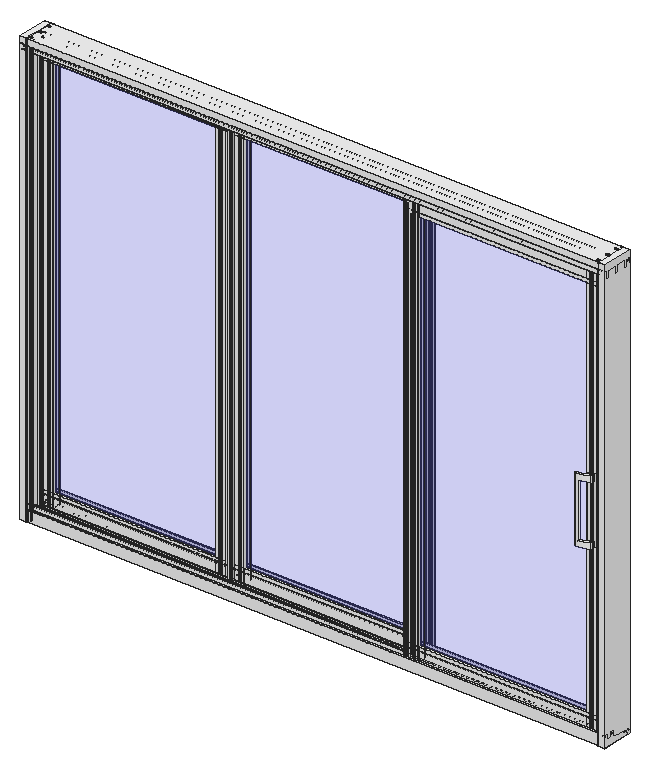
Revit family "Patio-Door_R-550-2-0_3-Light_XOO_5in_Novatech", category Doors, host Wall, Revit 2026 (continued)
Definition of nested family "NOVATECH_R-550 (2.0)_3 LIGHT_XOO_5in_SASH_O_MID"
  Definition of nested family "NOVATECH_650_2 LIGHT_SASH_O_SILL1"
    Automatic sketch dimensions
      Extrusion 1 sketch curve to Extrusion 1 sketch curve = 0.06844"
      Extrusion 1 sketch curve to Extrusion 1 sketch curve = 0.04657"
      Extrusion 1 sketch curve to Extrusion 1 sketch curve = 0.00316"
      Extrusion 1 sketch curve to Extrusion 1 sketch curve = 0.00969"
      Extrusion 1 sketch curve to Extrusion 1 sketch curve = 0.06392"
      Extrusion 1 sketch curve to Extrusion 1 sketch curve = 0.01918"
      Extrusion 1 sketch curve to Extrusion 1 sketch curve = 0.05118"  (x4)
      Extrusion 1 sketch curve to Extrusion 1 sketch curve = 0.27362"
      Extrusion 1 sketch curve to Extrusion 1 sketch curve = 0.1068"
      Extrusion 1 sketch curve to Extrusion 1 sketch curve = 0.0059"
      Extrusion 1 sketch curve to Extrusion 1 sketch curve = 0.33858"
      Extrusion 1 sketch curve to Extrusion 1 sketch curve = 0.03549"  (x2)
      Extrusion 1 sketch curve to Extrusion 1 sketch curve = 0.01569"  (x2)
      Extrusion 1 sketch curve to Extrusion 1 sketch curve = 0.01969"  (x4)
      Extrusion 1 sketch curve to Extrusion 1 sketch curve = 0.04337"  (x2)
      Extrusion 1 sketch curve to Extrusion 1 sketch curve = 0.06493"
      level to Extrusion 1 sketch curve = 1.03252"
      Extrusion 1 sketch curve to Extrusion 1 sketch curve = 0.0229"
      level to Extrusion 1 sketch curve = 0.10955"
      Extrusion 1 sketch curve to Extrusion 1 sketch curve = 0.40333"
      Extrusion 1 sketch curve to Extrusion 1 sketch curve = 0.01239"
      Extrusion 1 sketch curve to Extrusion 1 sketch curve = 0.02058"
      Extrusion 1 sketch curve to Extrusion 1 sketch curve = 0.00967"  (x2)
      Extrusion 1 sketch curve to Extrusion 1 sketch curve = 0.00631"
      Extrusion 1 sketch curve to Extrusion 1 sketch curve = 0.0616"
      level to Extrusion 1 sketch curve = 0.06892"
      Extrusion 1 sketch curve to Extrusion 1 sketch curve = 0.05043"
      Extrusion 1 sketch curve to Extrusion 1 sketch curve = 0.1482"
      Extrusion 1 sketch curve to Extrusion 1 sketch curve = 0.04272"
      Extrusion 1 sketch curve to Extrusion 1 sketch curve = 0.03356"
      Extrusion 1 sketch curve to Extrusion 1 sketch curve = 0.07449"
      Extrusion 1 sketch curve to Extrusion 1 sketch curve = 0.07874"  (x2)
      level to Extrusion 1 sketch curve = 0.14323"
      Extrusion 1 sketch curve to Extrusion 1 sketch curve = 0.5026"
      Extrusion 1 sketch curve to Extrusion 1 sketch curve = 0.50659"
      Extrusion 1 sketch curve to Extrusion 1 sketch curve = 0.03075"
      Extrusion 1 sketch curve to Extrusion 1 sketch curve = 0.1404"
      Extrusion 1 sketch curve to Extrusion 1 sketch curve = 0.01904"
      Extrusion 1 sketch curve to Extrusion 1 sketch curve = 0.00065"
      Extrusion 1 sketch curve to Extrusion 1 sketch curve = 1"
      Extrusion 1 sketch curve to Extrusion 1 sketch curve = 0.03346"
      Extrusion 1 sketch curve to Extrusion 1 sketch curve = 0.11599"
      level to Extrusion 1 sketch curve = 0.90785"
      Extrusion 1 sketch curve to Extrusion 1 sketch curve = 0.09816"
      level to Extrusion 1 sketch curve = 0.74086"
      Extrusion 1 sketch curve to Extrusion 1 sketch curve = 0.09827"
      level to Extrusion 1 sketch curve = 0.30513"
      Extrusion 1 sketch curve to Extrusion 1 sketch curve = 0.41244"
      level to Extrusion 1 sketch curve = 0.01275"
      Extrusion 1 sketch curve to Extrusion 1 sketch curve = 0.00019"
      Extrusion 1 sketch curve to Extrusion 1 sketch curve = 0.03978"
      Extrusion 1 sketch curve to Extrusion 1 sketch curve = 0.20669"
      Extrusion 1 sketch curve to Extrusion 1 sketch curve = 0.00411"
      Extrusion 1 sketch curve to Extrusion 1 sketch curve = 0.03502"
      Extrusion 1 sketch curve to Extrusion 1 sketch curve = 0.07481"
      Extrusion 1 sketch curve to Extrusion 1 sketch curve = 0.01687"
      Extrusion 1 sketch curve to Extrusion 1 sketch curve = 0.01124"
      Extrusion 1 sketch curve to Extrusion 1 sketch curve = 0.22711"
      Extrusion 1 sketch curve to Extrusion 1 sketch curve = 0.1947"
      Extrusion 1 sketch curve to Extrusion 1 sketch curve = 0.41612"
      Extrusion 1 sketch curve to Extrusion 1 sketch curve = 0.00031"
      Extrusion 1 sketch curve to Extrusion 1 sketch curve = 0.00715"  (x2)
      Extrusion 1 sketch curve to Extrusion 1 sketch curve = 0.01615"  (x2)
      Extrusion 1 sketch curve to Extrusion 1 sketch curve = 0.00335"
      Extrusion 1 sketch curve to Extrusion 1 sketch curve = 0.05481"
      Extrusion 1 sketch curve to Extrusion 1 sketch curve = 0.03956"
      Extrusion 1 sketch curve to Extrusion 1 sketch curve = 0.06299"  (x4)
      Extrusion 1 sketch curve to Extrusion 1 sketch curve = 0.1811"  (x2)
      Extrusion 1 sketch curve to Extrusion 1 sketch curve = 0.09535"
      Extrusion 1 sketch curve to Extrusion 1 sketch curve = 0.21137"
      Extrusion 1 sketch curve to Extrusion 1 sketch curve = 0.87008"
      Extrusion 1 sketch curve to Extrusion 1 sketch curve = 0.07575"
      Extrusion 1 sketch curve to Extrusion 1 sketch curve = 0.00048"
      Extrusion 1 sketch curve to Extrusion 1 sketch curve = 0.01881"
      Extrusion 1 sketch curve to Extrusion 1 sketch curve = 0.00339"
      Extrusion 1 sketch curve to Extrusion 1 sketch curve = 0.012"
      Extrusion 1 sketch curve to Extrusion 1 sketch curve = 0.08274"
      Extrusion 1 sketch curve to Extrusion 1 sketch curve = 0.05959"
      Extrusion 1 sketch curve to Extrusion 1 sketch curve = 0.16787"
      Extrusion 1 sketch curve to Extrusion 1 sketch curve = 0.00014"  (x2)
      Extrusion 1 sketch curve to Extrusion 1 sketch curve = 0.00724"
      Extrusion 1 sketch curve to Extrusion 1 sketch curve = 0.00785"
      Extrusion 1 sketch curve to Extrusion 1 sketch curve = 0.00992"
      Extrusion 1 sketch curve to Extrusion 1 sketch curve = 0.01537"
      Extrusion 1 sketch curve to Extrusion 1 sketch curve = 0.05162"
      Extrusion 1 sketch curve to Extrusion 1 sketch curve = 0.12471"
      Extrusion 1 sketch curve to Extrusion 1 sketch curve = 0.50115"
      Extrusion 1 sketch curve to Extrusion 1 sketch curve = 0.52341"
      Extrusion 1 sketch curve to Extrusion 1 sketch curve = 0.02226"
      Extrusion 1 sketch curve to Extrusion 1 sketch curve = 0.00984"
      Extrusion 1 sketch curve to Extrusion 1 sketch curve = 0.04131"
  Definition of nested family "NOVATECH_650_3 LIGHT_OXO_SASH_O_HEADER"
    Parameters (values of type "O HEADER")
      Length [instance] = 25.4316"
      Frame Material = none
      Default Elevation = 0"
    Reference planes (in)
      plane 1 "Center (Front/Back)": y = 0
      plane 2: z = 0
      plane 3 "Center (Left/Right)": x = 0
      plane 4: x = 25.4316
    Forms (in)
      Extrusion 1, solid, material <- "Frame Material"
        sketch origin (0, 3.99113, -1.74837) x (0, 1, 0) y (0, 0, 1)
          loop
            line (-2.76869, 4.29213) -> (-2.76869, 4.20908) -> (-2.71751, 4.20908) -> (-2.71751, 4.27208) -> (-2.66633, 4.27208) -> (-2.66633, 3.96499) -> (-2.71751, 3.96499) -> (-2.71751, 4.02798) -> (-2.76869, 4.02798) -> (-2.76869, 3.64252) -> (-3.55609, 3.64252) -> (-3.55609, 4.02798) -> (-3.60728, 4.02798) -> (-3.60728, 3.96499) -> (-3.65846, 3.96499) -> (-3.65846, 4.27208) -> (-3.60728, 4.27208) -> (-3.60728, 4.20908) -> (-3.55609, 4.20908) -> (-3.55609, 4.29213)
            arc (-3.55609, 4.29213) -> (-3.57339, 4.33389) -> (-3.61515, 4.35118) r 0.05906
            line (-3.61515, 4.35118) -> (-3.93208, 4.35118)
            arc (-3.93208, 4.35118) -> (-3.97384, 4.33389) -> (-3.99113, 4.29213) r 0.05906
            line (-3.99113, 4.29213) -> (-3.99113, 1.81194)
            arc (-3.99113, 1.81194) -> (-3.98389, 1.79257) -> (-3.96572, 1.7827) r 0.02953
            line (-3.96572, 1.7827) -> (-3.72145, 1.74837) -> (-3.72145, 1.78968) -> (-3.75491, 1.78968) -> (-3.75491, 2.4378) -> (-3.65663, 2.4378) -> (-3.65663, 2.3126) -> (-2.78262, 2.3126) -> (-2.78262, 2.4378) -> (-2.55413, 2.4378) -> (-2.55413, 2.67402) -> (-2.60531, 2.67402) -> (-2.60531, 2.77244) -> (-2.41239, 2.77244) -> (-2.41239, 2.4378) -> (-2.33365, 2.4378) -> (-2.33365, 4.29213)
            arc (-2.33365, 4.29213) -> (-2.35095, 4.33389) -> (-2.39271, 4.35118) r 0.05906
            line (-2.39271, 4.35118) -> (-2.70964, 4.35118)
            arc (-2.70964, 4.35118) -> (-2.7514, 4.33389) -> (-2.76869, 4.29213) r 0.05906
          loop
            line (-2.33365, 1.77983) -> (-2.33365, 2.41424)
            arc (-2.33365, 2.41424) -> (-2.34153, 2.42788) -> (-2.35728, 2.42788) r 0.01575
            line (-2.35728, 2.42788) -> (-2.3867, 2.41134)
            arc (-2.3867, 2.41134) -> (-2.40913, 2.41876) -> (-2.41969, 2.43989) r 0.03079
            line (-2.41969, 2.43989) -> (-2.43129, 2.60578) -> (-2.46833, 2.69723)
            arc (-2.46833, 2.69723) -> (-2.49406, 2.72434) -> (-2.53137, 2.72666) r 0.05107
            arc (-2.53137, 2.72666) -> (-2.55479, 2.69582) -> (-2.53061, 2.66558) r 0.0315
            line (-2.53061, 2.66558) -> (-2.49742, 2.58344) -> (-2.48648, 2.44027) -> (-2.57331, 2.38618) -> (-2.68011, 2.42243)
            arc (-2.68011, 2.42243) -> (-2.69481, 2.42088) -> (-2.70176, 2.40783) r 0.01575
            line (-2.70176, 2.40783) -> (-2.70176, 1.78968) -> (-2.72145, 1.75031) -> (-2.36318, 1.75031)
            arc (-2.36318, 1.75031) -> (-2.3423, 1.75896) -> (-2.33365, 1.77983) r 0.02953
        from 0 to 25.4316
    Dimensions and locks (in)
      "Length": plane 3 "Center (Left/Right)" to plane 4
      aligned and locked: plane 2 to level
      aligned and locked: plane 4 to Extrusion 1
      aligned and locked: Extrusion 1 to plane 3 "Center (Left/Right)"
    Automatic sketch dimensions
      Extrusion 1 sketch curve to level = 0"
      plane 1 "Center (Front/Back)" to Extrusion 1 sketch curve = 0"
      level to Extrusion 1 sketch curve = 0.03433"
      Extrusion 1 sketch curve to Extrusion 1 sketch curve = 0.02542"
      Extrusion 1 sketch curve to Extrusion 1 sketch curve = 0.02953"
      Extrusion 1 sketch curve to Extrusion 1 sketch curve = 0.05906"
      Extrusion 1 sketch curve to Extrusion 1 sketch curve = 0.20669"
      Extrusion 1 sketch curve to Extrusion 1 sketch curve = 0.03346"
      Extrusion 1 sketch curve to Extrusion 1 sketch curve = 0.27362"  (x2)
      Extrusion 1 sketch curve to Extrusion 1 sketch curve = 0.09828"
      Extrusion 1 sketch curve to Extrusion 1 sketch curve = 0.04331"
      Extrusion 1 sketch curve to Extrusion 1 sketch curve = 0.00787"  (x2)
      Extrusion 1 sketch curve to Extrusion 1 sketch curve = 0.05118"  (x4)
      Extrusion 1 sketch curve to plane 1 "Center (Front/Back)" = 1.20852"
      Extrusion 1 sketch curve to plane 1 "Center (Front/Back)" = 1.22244"  (x2)
      Extrusion 1 sketch curve to plane 1 "Center (Front/Back)" = 1.26968"
      Extrusion 1 sketch curve to plane 1 "Center (Front/Back)" = 1.27362"  (x2)
      Extrusion 1 sketch curve to plane 1 "Center (Front/Back)" = 1.2815"
      Extrusion 1 sketch curve to plane 1 "Center (Front/Back)" = 1.28937"
      Extrusion 1 sketch curve to plane 1 "Center (Front/Back)" = 1.28938"
      Extrusion 1 sketch curve to Extrusion 1 sketch curve = 0.01575"  (x2)
      Extrusion 1 sketch curve to Extrusion 1 sketch curve = 0.0059"
      Extrusion 1 sketch curve to plane 1 "Center (Front/Back)" = 1.38583"
      Extrusion 1 sketch curve to Extrusion 1 sketch curve = 0.1068"
      Extrusion 1 sketch curve to Extrusion 1 sketch curve = 0.01918"
      Extrusion 1 sketch curve to Extrusion 1 sketch curve = 0.02352"
      Extrusion 1 sketch curve to Extrusion 1 sketch curve = 0.00731"
      Extrusion 1 sketch curve to Extrusion 1 sketch curve = 0.01494"
      Extrusion 1 sketch curve to Extrusion 1 sketch curve = 0.03319"
      Extrusion 1 sketch curve to Extrusion 1 sketch curve = 0.06765"
      Extrusion 1 sketch curve to Extrusion 1 sketch curve = 0.04734"
      Extrusion 1 sketch curve to Extrusion 1 sketch curve = 0.06613"
      Extrusion 1 sketch curve to Extrusion 1 sketch curve = 0.06679"
      Extrusion 1 sketch curve to Extrusion 1 sketch curve = 0.0073"
      Extrusion 1 sketch curve to Extrusion 1 sketch curve = 0.02341"
      Extrusion 1 sketch curve to Extrusion 1 sketch curve = 0.00228"
      level to Extrusion 1 sketch curve = 0.00194"
      Extrusion 1 sketch curve to Extrusion 1 sketch curve = 0.33858"
      Extrusion 1 sketch curve to Extrusion 1 sketch curve = 0.02942"
      Extrusion 1 sketch curve to Extrusion 1 sketch curve = 0.02362"
      level to Extrusion 1 sketch curve = 0.04131"  (x2)
      Extrusion 1 sketch curve to Extrusion 1 sketch curve = 0.52292"
      Extrusion 1 sketch curve to Extrusion 1 sketch curve = 0.07358"
      Extrusion 1 sketch curve to Extrusion 1 sketch curve = 0.02165"
      Extrusion 1 sketch curve to Extrusion 1 sketch curve = 0"
      Extrusion 1 sketch curve to Extrusion 1 sketch curve = 0.02516"
      Extrusion 1 sketch curve to Extrusion 1 sketch curve = 0.0029"
      Extrusion 1 sketch curve to Extrusion 1 sketch curve = 0.05162"
      Extrusion 1 sketch curve to Extrusion 1 sketch curve = 0.02356"
      Extrusion 1 sketch curve to Extrusion 1 sketch curve = 0.1252"
      Extrusion 1 sketch curve to Extrusion 1 sketch curve = 0.00209"
      Extrusion 1 sketch curve to Extrusion 1 sketch curve = 0.00038"
      Extrusion 1 sketch curve to Extrusion 1 sketch curve = 0.14318"
      Extrusion 1 sketch curve to Extrusion 1 sketch curve = 0.02234"
      Extrusion 1 sketch curve to Extrusion 1 sketch curve = 0.08214"
      Extrusion 1 sketch curve to Extrusion 1 sketch curve = 0.00844"
      Extrusion 1 sketch curve to Extrusion 1 sketch curve = 0.01248"
      Extrusion 1 sketch curve to Extrusion 1 sketch curve = 0.01815"
      Extrusion 1 sketch curve to Extrusion 1 sketch curve = 0.01917"
      Extrusion 1 sketch curve to Extrusion 1 sketch curve = 0.07521"
      Extrusion 1 sketch curve to Extrusion 1 sketch curve = 1.20472"
      Extrusion 1 sketch curve to Extrusion 1 sketch curve = 0.32247"  (x2)
      Extrusion 1 sketch curve to Extrusion 1 sketch curve = 0.06299"  (x4)
      Extrusion 1 sketch curve to Extrusion 1 sketch curve = 0.1811"  (x2)
      Extrusion 1 sketch curve to Extrusion 1 sketch curve = 0.02005"  (x2)
  Definition of nested family "NOVATECH_650_2 LIGHT_SASH_O_LEFT"
    Parameters (values of type "NOVATECH_650_2 LIGHT_SASH_X_RIGHT")
      Length = 77 27/64"
      Frame Material = none
      Default Elevation = 0"
    Types (2): name | Length
      NOVATECH_650_2 LIGHT_SASH_X_RIGHT | 77 27/64"
      X_RIGHT | 75 121/128"
    Reference planes (in)
      plane 1 "Center (Front/Back)": y = 0
      plane 2: z = 0
      plane 3 "Center (Left/Right)": x = 0
      plane 4: z = 77.42188
      plane 5: y = 1.34858
    Forms (in)
      Extrusion 1, solid, material <- "Frame Material"
        sketch origin (0, 0, 0) x (1, 0, 0) y (0, 1, 0)
          loop
            arc (0, 2.62973) -> (-0.00724, 2.6491) -> (-0.02542, 2.65897) r 0.02953
            line (-0.02542, 2.65897) -> (-0.2697, 2.6933) -> (-0.2697, 2.65199) -> (-0.23622, 2.65199) -> (-0.23622, 2.00387) -> (-0.33269, 2.00387) -> (-0.33269, 2.12907) -> (-1.20671, 2.12907) -> (-1.20671, 2.00387) -> (-1.43701, 2.00387) -> (-1.43701, 1.76765) -> (-1.38583, 1.76765) -> (-1.38583, 1.66923) -> (-1.57874, 1.66923) -> (-1.57874, 2.00387) -> (-1.65748, 2.00387) -> (-1.65748, 0.14954)
            arc (-1.65748, 0.14954) -> (-1.64018, 0.10778) -> (-1.59843, 0.09049) r 0.05906
            line (-1.59843, 0.09049) -> (-1.2815, 0.09049)
            arc (-1.2815, 0.09049) -> (-1.23974, 0.10778) -> (-1.22244, 0.14954) r 0.05906
            line (-1.22244, 0.14954) -> (-1.22244, 0.21684)
            arc (-1.22244, 0.21684) -> (-1.24803, 0.23208) -> (-1.27362, 0.21684) r 0.02911
            line (-1.27362, 0.21684) -> (-1.27362, 0.18534)
            arc (-1.27362, 0.18534) -> (-1.29921, 0.16614) -> (-1.3248, 0.18534) r 0.02665
            line (-1.3248, 0.18534) -> (-1.3248, 0.46093)
            arc (-1.3248, 0.46093) -> (-1.29921, 0.47787) -> (-1.27362, 0.46093) r 0.0278
            line (-1.27362, 0.46093) -> (-1.27362, 0.42944)
            arc (-1.27362, 0.42944) -> (-1.24803, 0.41044) -> (-1.22244, 0.42944) r 0.02674
            line (-1.22244, 0.42944) -> (-1.22244, 0.79915) -> (-0.43504, 0.79915) -> (-0.43504, 0.42944)
            arc (-0.43504, 0.42944) -> (-0.40945, 0.41134) -> (-0.38386, 0.42944) r 0.02714
            line (-0.38386, 0.42944) -> (-0.38386, 0.46093)
            arc (-0.38386, 0.46093) -> (-0.35827, 0.47851) -> (-0.33268, 0.46093) r 0.02742
            line (-0.33268, 0.46093) -> (-0.33268, 0.18534)
            arc (-0.33268, 0.18534) -> (-0.35827, 0.16767) -> (-0.38386, 0.18534) r 0.02737
            line (-0.38386, 0.18534) -> (-0.38386, 0.21684)
            arc (-0.38386, 0.21684) -> (-0.40945, 0.23441) -> (-0.43504, 0.21684) r 0.02742
            line (-0.43504, 0.21684) -> (-0.43504, 0.14954)
            arc (-0.43504, 0.14954) -> (-0.41774, 0.10778) -> (-0.37598, 0.09049) r 0.05906
            line (-0.37598, 0.09049) -> (-0.05906, 0.09049)
            arc (-0.05906, 0.09049) -> (-0.0173, 0.10778) -> (0, 0.14954) r 0.05906
            line (0, 0.14954) -> (0, 2.62973)
          loop
            line (-1.26968, 2.69136) -> (-1.63186, 2.69136)
            arc (-1.63186, 2.69136) -> (-1.65274, 2.68271) -> (-1.66139, 2.66184) r 0.02953
            line (-1.66139, 2.66184) -> (-1.66139, 2.03134)
            arc (-1.66139, 2.03134) -> (-1.65351, 2.0177) -> (-1.63776, 2.0177) r 0.01575
            line (-1.63776, 2.0177) -> (-1.60447, 2.02776)
            arc (-1.60447, 2.02776) -> (-1.5765, 2.02149) -> (-1.56742, 1.9943) r 0.02915
            line (-1.56742, 1.9943) -> (-1.55564, 1.8258) -> (-1.5226, 1.74475)
            arc (-1.5226, 1.74475) -> (-1.49938, 1.71919) -> (-1.46518, 1.71446) r 0.05066
            arc (-1.46518, 1.71446) -> (-1.44119, 1.73462) -> (-1.44649, 1.76552) r 0.0315
            line (-1.44649, 1.76552) -> (-1.49117, 1.87611) -> (-1.50093, 2.00373) -> (-1.41782, 2.05549) -> (-1.31103, 2.01924)
            arc (-1.31103, 2.01924) -> (-1.29632, 2.02079) -> (-1.28938, 2.03384) r 0.01575
            line (-1.28938, 2.03384) -> (-1.28937, 2.65199) -> (-1.26968, 2.69136)
          loop
            line (-0.00211, 0.03937) -> (-0.00211, 0.07978)
            arc (-0.00211, 0.07978) -> (-0.03593, 0.08542) -> (-0.06479, 0.06693) r 0.04772
            line (-0.06479, 0.06693) -> (-0.47548, 0.06693) -> (-0.43728, 0.25591) -> (-0.38775, 0.25591)
            arc (-0.38775, 0.25591) -> (-0.37304, 0.26603) -> (-0.37725, 0.28339) r 0.01575
            line (-0.37725, 0.28339) -> (-0.48021, 0.397)
            arc (-0.48021, 0.397) -> (-0.50305, 0.39997) -> (-0.51354, 0.37946) r 0.02
            line (-0.51354, 0.37946) -> (-0.49602, 0.25591) -> (-0.53342, 0.07087) -> (-1.12397, 0.07087) -> (-1.16137, 0.25591) -> (-1.14388, 0.37069)
            arc (-1.14388, 0.37069) -> (-1.15425, 0.39135) -> (-1.17718, 0.38843) r 0.02
            line (-1.17718, 0.38843) -> (-1.26861, 0.27418)
            arc (-1.26861, 0.27418) -> (-1.27096, 0.25494) -> (-1.2548, 0.24424) r 0.01844
            line (-1.2548, 0.24424) -> (-1.21775, 0.24424) -> (-1.18191, 0.06693) -> (-1.94002, 0.06693)
            arc (-1.94002, 0.06693) -> (-1.96785, 0.07846) -> (-1.97939, 0.1063) r 0.03937
            line (-1.97939, 0.1063) -> (-1.97939, 0.65641) -> (-1.92017, 0.65641) -> (-1.92017, 0.81723) -> (-1.70952, 0.81723) -> (-1.70952, 0.88415) -> (-1.92017, 0.88415) -> (-1.92017, 1.06988) -> (-1.94923, 1.10788) -> (-1.94923, 1.49105) -> (-2.00982, 1.596)
            arc (-2.00982, 1.596) -> (-2.01085, 1.62721) -> (-2.03932, 1.64005) r 0.02953
            arc (-2.03932, 1.64005) -> (-2.06269, 1.63301) -> (-2.07278, 1.61078) r 0.02953
            line (-2.07278, 1.61078) -> (-2.07278, 1.5712) -> (-2.01616, 1.47312) -> (-2.01616, 1.1048)
            arc (-2.01616, 1.1048) -> (-2.02462, 1.08863) -> (-2.04273, 1.08636) r 0.01969
            arc (-2.04273, 1.08636) -> (-2.07653, 1.0621) -> (-2.08946, 1.02255) r 0.06693
            line (-2.08946, 1.02255) -> (-2.08929, 0.97924)
            arc (-2.08929, 0.97924) -> (-2.0637, 0.96046) -> (-2.03811, 0.97924) r 0.02682
            line (-2.03811, 0.97924) -> (-2.03828, 1.01074)
            arc (-2.03828, 1.01074) -> (-2.01269, 1.03036) -> (-1.9871, 1.01074) r 0.0265
            line (-1.9871, 1.01074) -> (-1.9871, 0.73515)
            arc (-1.9871, 0.73515) -> (-2.01269, 0.71657) -> (-2.03828, 0.73515) r 0.02691
            line (-2.03828, 0.73515) -> (-2.03828, 0.77452)
            arc (-2.03828, 0.77452) -> (-2.06387, 0.79092) -> (-2.08946, 0.77452) r 0.02817
            line (-2.08946, 0.77452) -> (-2.08946, 0.72334)
            arc (-2.08946, 0.72334) -> (-2.07763, 0.68534) -> (-2.04631, 0.66078) r 0.06693
            line (-2.04631, 0.66078) -> (-2.04631, 0.07874)
            arc (-2.04631, 0.07874) -> (-2.02325, 0.02306) -> (-1.96757, 0) r 0.07874
            line (-1.96757, 0) -> (-0.04148, 0)
            arc (-0.04148, 0) -> (-0.01364, 0.01153) -> (-0.00211, 0.03937) r 0.03937
        from 0 to 77.42188
    Dimensions and locks (in)
      "Length": plane 4 to level
      aligned and locked: plane 2 to level
      aligned and locked: Extrusion 1 to level
      aligned and locked: plane 4 to Extrusion 1
    Automatic sketch dimensions
      plane 1 "Center (Front/Back)" to Extrusion 1 sketch curve = 0"
      Extrusion 1 sketch curve to plane 3 "Center (Left/Right)" = 0"
      Extrusion 1 sketch curve to plane 3 "Center (Left/Right)" = 0.00211"
      Extrusion 1 sketch curve to plane 3 "Center (Left/Right)" = 0.02542"
      Extrusion 1 sketch curve to Extrusion 1 sketch curve = 0.02423"
      Extrusion 1 sketch curve to plane 3 "Center (Left/Right)" = 0.02953"
      Extrusion 1 sketch curve to plane 3 "Center (Left/Right)" = 0.04148"
      Extrusion 1 sketch curve to Extrusion 1 sketch curve = 0.01757"
      Extrusion 1 sketch curve to Extrusion 1 sketch curve = 0.00574"
      Extrusion 1 sketch curve to plane 3 "Center (Left/Right)" = 0.23622"
      Extrusion 1 sketch curve to Extrusion 1 sketch curve = 0.03348"
      Extrusion 1 sketch curve to plane 3 "Center (Left/Right)" = 0.33268"
      Extrusion 1 sketch curve to Extrusion 1 sketch curve = 0.09647"
      Extrusion 1 sketch curve to Extrusion 1 sketch curve = 0.02559"  (x20)
      Extrusion 1 sketch curve to Extrusion 1 sketch curve = 0.01772"
      Extrusion 1 sketch curve to Extrusion 1 sketch curve = 0.01898"
      Extrusion 1 sketch curve to Extrusion 1 sketch curve = 0.0105"
      Extrusion 1 sketch curve to Extrusion 1 sketch curve = 0.05118"  (x2)
      Extrusion 1 sketch curve to Extrusion 1 sketch curve = 0.00224"
      Extrusion 1 sketch curve to plane 1 "Center (Front/Back)" = 0.06693"  (x2)
      Extrusion 1 sketch curve to Extrusion 1 sketch curve = 0.04044"
      Extrusion 1 sketch curve to Extrusion 1 sketch curve = 0.04517"
      Extrusion 1 sketch curve to Extrusion 1 sketch curve = 0.01353"  (x2)
      Extrusion 1 sketch curve to Extrusion 1 sketch curve = 0.05874"
      Extrusion 1 sketch curve to Extrusion 1 sketch curve = 0.0198"
      Extrusion 1 sketch curve to plane 1 "Center (Front/Back)" = 0.07087"
      Extrusion 1 sketch curve to Extrusion 1 sketch curve = 0.05794"  (x2)
      Extrusion 1 sketch curve to Extrusion 1 sketch curve = 0.59055"
      Extrusion 1 sketch curve to plane 1 "Center (Front/Back)" = 0.37069"
      Extrusion 1 sketch curve to Extrusion 1 sketch curve = 0.01991"
      Extrusion 1 sketch curve to plane 1 "Center (Front/Back)" = 0.25591"
      Extrusion 1 sketch curve to Extrusion 1 sketch curve = 0.01749"
      Extrusion 1 sketch curve to Extrusion 1 sketch curve = 0.01977"
      Extrusion 1 sketch curve to plane 1 "Center (Front/Back)" = 0.38843"
      Extrusion 1 sketch curve to Extrusion 1 sketch curve = 0.87402"
      Extrusion 1 sketch curve to Extrusion 1 sketch curve = 0.05638"
      Extrusion 1 sketch curve to Extrusion 1 sketch curve = 0.04526"
      Extrusion 1 sketch curve to Extrusion 1 sketch curve = 0.00469"
      Extrusion 1 sketch curve to Extrusion 1 sketch curve = 0.03646"
      Extrusion 1 sketch curve to Extrusion 1 sketch curve = 0.00059"
      Extrusion 1 sketch curve to plane 1 "Center (Front/Back)" = 0.27418"
      Extrusion 1 sketch curve to Extrusion 1 sketch curve = 0.01439"
      Extrusion 1 sketch curve to Extrusion 1 sketch curve = 0.06298"
      Extrusion 1 sketch curve to Extrusion 1 sketch curve = 0.00787"  (x3)
      Extrusion 1 sketch curve to Extrusion 1 sketch curve = 0.01969"  (x2)
      Extrusion 1 sketch curve to Extrusion 1 sketch curve = 0.08267"
      Extrusion 1 sketch curve to Extrusion 1 sketch curve = 0.01575"  (x4)
      plane 5 to Extrusion 1 sketch curve = 0.67066"
      Extrusion 1 sketch curve to Extrusion 1 sketch curve = 0.0059"
      Extrusion 1 sketch curve to Extrusion 1 sketch curve = 0.0748"
      plane 5 to Extrusion 1 sketch curve = 0.70691"
      Extrusion 1 sketch curve to Extrusion 1 sketch curve = 0.1068"
      plane 5 to Extrusion 1 sketch curve = 0.41693"
      Extrusion 1 sketch curve to Extrusion 1 sketch curve = 0.00948"
      Extrusion 1 sketch curve to Extrusion 1 sketch curve = 0.02428"
      Extrusion 1 sketch curve to Extrusion 1 sketch curve = 0.00498"
      plane 5 to Extrusion 1 sketch curve = 0.52753"
      Extrusion 1 sketch curve to Extrusion 1 sketch curve = 0.01543"
      plane 5 to Extrusion 1 sketch curve = 0.65514"
      Extrusion 1 sketch curve to Extrusion 1 sketch curve = 0.06392"
      plane 5 to Extrusion 1 sketch curve = 0.39617"
      Extrusion 1 sketch curve to Extrusion 1 sketch curve = 3/64"
      plane 5 to Extrusion 1 sketch curve = 0.47721"
      Extrusion 1 sketch curve to Extrusion 1 sketch curve = 0.06447"
      plane 5 to Extrusion 1 sketch curve = 0.64572"
      Extrusion 1 sketch curve to Extrusion 1 sketch curve = 0.0665"
      Extrusion 1 sketch curve to Extrusion 1 sketch curve = 0.01132"
      Extrusion 1 sketch curve to Extrusion 1 sketch curve = 0.0173"
      Extrusion 1 sketch curve to Extrusion 1 sketch curve = 0.27362"
      plane 5 to Extrusion 1 sketch curve = 0.67918"
      Extrusion 1 sketch curve to Extrusion 1 sketch curve = 0.00843"
      Extrusion 1 sketch curve to Extrusion 1 sketch curve = 0.34249"
      plane 5 to Extrusion 1 sketch curve = 0.66912"
      Extrusion 1 sketch curve to Extrusion 1 sketch curve = 0.0333"
      Extrusion 1 sketch curve to Extrusion 1 sketch curve = 0.01972"
      Extrusion 1 sketch curve to Extrusion 1 sketch curve = 0.48707"
      Extrusion 1 sketch curve to Extrusion 1 sketch curve = 0.21066"
      Extrusion 1 sketch curve to Extrusion 1 sketch curve = 0"  (x3)
      Extrusion 1 sketch curve to plane 1 "Center (Front/Back)" = 0.1063"
      Extrusion 1 sketch curve to Extrusion 1 sketch curve = 0.28254"
      Extrusion 1 sketch curve to Extrusion 1 sketch curve = 0.02906"
      Extrusion 1 sketch curve to Extrusion 1 sketch curve = 0.02756"
      Extrusion 1 sketch curve to Extrusion 1 sketch curve = 0.06693"  (x3)
      plane 5 to Extrusion 1 sketch curve = 0.24742"
      Extrusion 1 sketch curve to Extrusion 1 sketch curve = 0.06059"
      plane 5 to Extrusion 1 sketch curve = 0.12454"
      Extrusion 1 sketch curve to Extrusion 1 sketch curve = 0.00984"  (x5)
      Extrusion 1 sketch curve to Extrusion 1 sketch curve = 0.02556"
      Extrusion 1 sketch curve to plane 5 = 0.36934"  (x2)
      Extrusion 1 sketch curve to Extrusion 1 sketch curve = 0.02542"
      Extrusion 1 sketch curve to plane 5 = 0.33784"
      Extrusion 1 sketch curve to Extrusion 1 sketch curve = 0.02378"
      plane 5 to Extrusion 1 sketch curve = 0.22261"
      Extrusion 1 sketch curve to Extrusion 1 sketch curve = 0.02953"
      Extrusion 1 sketch curve to plane 5 = 0.32603"
      Extrusion 1 sketch curve to Extrusion 1 sketch curve = 0.00017"
      Extrusion 1 sketch curve to Extrusion 1 sketch curve = 0.0007"
      Extrusion 1 sketch curve to plane 1 "Center (Front/Back)" = 0.09049"  (x2)
      Extrusion 1 sketch curve to Extrusion 1 sketch curve = 0.0358"  (x2)
      Extrusion 1 sketch curve to Extrusion 1 sketch curve = 0.00745"
      Extrusion 1 sketch curve to Extrusion 1 sketch curve = 0.0097"
      Extrusion 1 sketch curve to Extrusion 1 sketch curve = 0.01763"
      Extrusion 1 sketch curve to Extrusion 1 sketch curve = 0.02165"  (x2)
      Extrusion 1 sketch curve to Extrusion 1 sketch curve = 0.01387"
      Extrusion 1 sketch curve to Extrusion 1 sketch curve = 0.0274"
      Extrusion 1 sketch curve to Extrusion 1 sketch curve = 5/128"  (x2)
      Extrusion 1 sketch curve to Extrusion 1 sketch curve = 0.12355"
      Extrusion 1 sketch curve to Extrusion 1 sketch curve = 0.00281"
      Extrusion 1 sketch curve to Extrusion 1 sketch curve = 0.03244"
      Extrusion 1 sketch curve to Extrusion 1 sketch curve = 0.04101"
      Extrusion 1 sketch curve to Extrusion 1 sketch curve = 0.00774"
      Extrusion 1 sketch curve to Extrusion 1 sketch curve = 0.00904"
      Extrusion 1 sketch curve to Extrusion 1 sketch curve = 0.02064"
      Extrusion 1 sketch curve to Extrusion 1 sketch curve = 0.01086"
      Extrusion 1 sketch curve to Extrusion 1 sketch curve = 0.32283"
      Extrusion 1 sketch curve to Extrusion 1 sketch curve = 0.00437"
      Extrusion 1 sketch curve to Extrusion 1 sketch curve = 0.01181"
      Extrusion 1 sketch curve to Extrusion 1 sketch curve = 0.02015"
      Extrusion 1 sketch curve to Extrusion 1 sketch curve = 0.0276"
      Extrusion 1 sketch curve to Extrusion 1 sketch curve = 0.01177"
      Extrusion 1 sketch curve to Extrusion 1 sketch curve = 0.33821"
      Extrusion 1 sketch curve to Extrusion 1 sketch curve = 0.08207"
      Extrusion 1 sketch curve to Extrusion 1 sketch curve = 0.00804"
      Extrusion 1 sketch curve to Extrusion 1 sketch curve = 0.01869"
      Extrusion 1 sketch curve to Extrusion 1 sketch curve = 0.05914"
      Extrusion 1 sketch curve to Extrusion 1 sketch curve = 0.08225"
      Extrusion 1 sketch curve to Extrusion 1 sketch curve = 0.03799"
      Extrusion 1 sketch curve to Extrusion 1 sketch curve = 0.01793"
      Extrusion 1 sketch curve to Extrusion 1 sketch curve = 0.03959"
      Extrusion 1 sketch curve to Extrusion 1 sketch curve = 0.07552"
      Extrusion 1 sketch curve to Extrusion 1 sketch curve = 0.02006"
      Extrusion 1 sketch curve to Extrusion 1 sketch curve = 0.01855"
      Extrusion 1 sketch curve to Extrusion 1 sketch curve = 0.00214"
      Extrusion 1 sketch curve to Extrusion 1 sketch curve = 0.00957"
      Extrusion 1 sketch curve to Extrusion 1 sketch curve = 0.05162"
      plane 5 to Extrusion 1 sketch curve = 0.65529"
      Extrusion 1 sketch curve to Extrusion 1 sketch curve = 0.1252"
      Extrusion 1 sketch curve to Extrusion 1 sketch curve = 0.50066"
      Extrusion 1 sketch curve to Extrusion 1 sketch curve = 0.52292"
      Extrusion 1 sketch curve to Extrusion 1 sketch curve = 0.02226"
      Extrusion 1 sketch curve to Extrusion 1 sketch curve = 0.04131"
  Definition of nested family "NOVATECH_650_2 LIGHT_SASH_O_RIGHT"
    Parameters (values of type "O_RIGHT")
      Length = 75 121/128"
      Frame Material = none
      Default Elevation = 0"
    Types (3): name | Length
      O_RIGHT | 75 121/128"
      X_LEFT | 75 121/128"
      NOVATECH_650_2 LIGHT_SASH_O_LEFT | 91 121/128"
    Reference planes (in)
      plane 1 "Center (Front/Back)": y = 0
      plane 2: z = 0
      plane 3 "Center (Left/Right)": x = 0
      plane 4: z = 75.94531
      plane 5: x = 1.65748
    Forms (in)
      Extrusion 1, solid, material <- "Frame Material"
        sketch origin (0, 0, 0) x (1, 0, 0) y (0, 1, 0)
          loop
            line (0, 2.53924) -> (0, 0.05906)
            arc (0, 0.05906) -> (0.0173, 0.0173) -> (0.05906, 0) r 0.05906
            line (0.05906, 0) -> (0.37598, 0)
            arc (0.37598, 0) -> (0.41774, 0.0173) -> (0.43504, 0.05906) r 0.05906
            line (0.43504, 0.05906) -> (0.43504, 0.1421) -> (0.38386, 0.1421) -> (0.38386, 0.07911) -> (0.33268, 0.07911) -> (0.33268, 0.3862) -> (0.38386, 0.3862) -> (0.38386, 0.3232) -> (0.43504, 0.3232) -> (0.43504, 0.70866) -> (1.22244, 0.70866) -> (1.22244, 0.3232) -> (1.27362, 0.3232) -> (1.27362, 0.3862) -> (1.3248, 0.3862) -> (1.3248, 0.07911) -> (1.27362, 0.07911) -> (1.27362, 0.1421) -> (1.22244, 0.1421) -> (1.22244, 0.05906)
            arc (1.22244, 0.05906) -> (1.23974, 0.0173) -> (1.2815, 0) r 0.05906
            line (1.2815, 0) -> (1.59843, 0)
            arc (1.59843, 0) -> (1.64018, 0.0173) -> (1.65748, 0.05906) r 0.05906
            line (1.65748, 0.05906) -> (1.65748, 1.91339) -> (1.57874, 1.91339) -> (1.57874, 1.57874) -> (1.38583, 1.57874) -> (1.38583, 1.67717) -> (1.43701, 1.67717) -> (1.43701, 1.91339) -> (1.20669, 1.91339) -> (1.20669, 2.03858) -> (0.33268, 2.03858) -> (0.33268, 1.91339) -> (0.23622, 1.91339) -> (0.23622, 2.56151) -> (0.26968, 2.56151) -> (0.26968, 2.60281) -> (0.02542, 2.56849)
            arc (0.02542, 2.56849) -> (0.00724, 2.55862) -> (0, 2.53924) r 0.02953
          loop
            arc (1.65748, 2.57135) -> (1.64883, 2.59223) -> (1.62795, 2.60088) r 0.02953
            line (1.62795, 2.60088) -> (1.26968, 2.60088) -> (1.28937, 2.56151) -> (1.28938, 1.94336)
            arc (1.28938, 1.94336) -> (1.29632, 1.9303) -> (1.31103, 1.92876) r 0.01575
            line (1.31103, 1.92876) -> (1.41782, 1.965) -> (1.50093, 1.91324) -> (1.49117, 1.78563) -> (1.44789, 1.67851)
            arc (1.44789, 1.67851) -> (1.43807, 1.64813) -> (1.45984, 1.62477) r 0.0315
            arc (1.45984, 1.62477) -> (1.49705, 1.62705) -> (1.52275, 1.65406) r 0.05095
            line (1.52275, 1.65406) -> (1.55561, 1.73494) -> (1.56866, 1.9215)
            arc (1.56866, 1.9215) -> (1.57751, 1.93977) -> (1.59722, 1.94463) r 0.02387
            line (1.59722, 1.94463) -> (1.63386, 1.92331)
            arc (1.63386, 1.92331) -> (1.64961, 1.92331) -> (1.65748, 1.93695) r 0.01575
            line (1.65748, 1.93695) -> (1.65748, 2.57135)
        from 0 to 75.94531
    Dimensions and locks (in)
      "Length": plane 4 to level
      aligned and locked: plane 2 to level
      aligned and locked: Extrusion 1 to level
      aligned and locked: plane 4 to Extrusion 1
    Automatic sketch dimensions
      Extrusion 1 sketch curve to plane 5 = 1.65748"
      Extrusion 1 sketch curve to Extrusion 1 sketch curve = 0.02542"
      Extrusion 1 sketch curve to Extrusion 1 sketch curve = 0.02953"
      Extrusion 1 sketch curve to Extrusion 1 sketch curve = 0.05906"  (x2)
      Extrusion 1 sketch curve to Extrusion 1 sketch curve = 0.20669"
      Extrusion 1 sketch curve to Extrusion 1 sketch curve = 0.03346"
      Extrusion 1 sketch curve to Extrusion 1 sketch curve = 0.09646"
      Extrusion 1 sketch curve to Extrusion 1 sketch curve = 0.27362"  (x2)
      Extrusion 1 sketch curve to Extrusion 1 sketch curve = 0.04331"  (x2)
      Extrusion 1 sketch curve to Extrusion 1 sketch curve = 0.05118"  (x5)
      Extrusion 1 sketch curve to Extrusion 1 sketch curve = 0.00787"  (x3)
      Extrusion 1 sketch curve to Extrusion 1 sketch curve = 0.87402"
      Extrusion 1 sketch curve to Extrusion 1 sketch curve = 0.7874"
      Extrusion 1 sketch curve to Extrusion 1 sketch curve = 0"  (x3)
      Extrusion 1 sketch curve to Extrusion 1 sketch curve = 0.06299"  (x5)
      Extrusion 1 sketch curve to Extrusion 1 sketch curve = 0.01969"
      Extrusion 1 sketch curve to Extrusion 1 sketch curve = 0.08268"
      Extrusion 1 sketch curve to Extrusion 1 sketch curve = 0.01575"  (x2)
      Extrusion 1 sketch curve to Extrusion 1 sketch curve = 0.0059"
      Extrusion 1 sketch curve to Extrusion 1 sketch curve = 0.0748"
      Extrusion 1 sketch curve to Extrusion 1 sketch curve = 0.1068"
      Extrusion 1 sketch curve to Extrusion 1 sketch curve = 0.01918"
      Extrusion 1 sketch curve to Extrusion 1 sketch curve = 0.01089"
      Extrusion 1 sketch curve to Extrusion 1 sketch curve = 0.02092"
      Extrusion 1 sketch curve to Extrusion 1 sketch curve = 0.00674"
      Extrusion 1 sketch curve to Extrusion 1 sketch curve = 1/64"
      Extrusion 1 sketch curve to Extrusion 1 sketch curve = 0.06392"
      Extrusion 1 sketch curve to Extrusion 1 sketch curve = 0.0472"
      Extrusion 1 sketch curve to Extrusion 1 sketch curve = 0.06444"
      Extrusion 1 sketch curve to Extrusion 1 sketch curve = 0.06773"
      Extrusion 1 sketch curve to Extrusion 1 sketch curve = 0.05599"
      Extrusion 1 sketch curve to Extrusion 1 sketch curve = 0.01379"
      Extrusion 1 sketch curve to Extrusion 1 sketch curve = 0.00468"
      Extrusion 1 sketch curve to Extrusion 1 sketch curve = 0.33858"
      Extrusion 1 sketch curve to Extrusion 1 sketch curve = 0.04132"
      Extrusion 1 sketch curve to plane 1 "Center (Front/Back)" = 0"  (x2)
      Extrusion 1 sketch curve to Extrusion 1 sketch curve = 0.02005"  (x2)
      Extrusion 1 sketch curve to Extrusion 1 sketch curve = 0.1811"  (x2)
      Extrusion 1 sketch curve to Extrusion 1 sketch curve = 0.32247"
      Extrusion 1 sketch curve to Extrusion 1 sketch curve = 0.87008"
      Extrusion 1 sketch curve to Extrusion 1 sketch curve = 0.07532"
      Extrusion 1 sketch curve to Extrusion 1 sketch curve = 0.00091"
      Extrusion 1 sketch curve to Extrusion 1 sketch curve = 0.01827"
      Extrusion 1 sketch curve to Extrusion 1 sketch curve = 1/256"
      Extrusion 1 sketch curve to Extrusion 1 sketch curve = 0.00135"
      Extrusion 1 sketch curve to Extrusion 1 sketch curve = 0.08088"
      Extrusion 1 sketch curve to Extrusion 1 sketch curve = 0.05069"
      Extrusion 1 sketch curve to Extrusion 1 sketch curve = 0.12761"
      Extrusion 1 sketch curve to Extrusion 1 sketch curve = 0.00014"  (x2)
      Extrusion 1 sketch curve to Extrusion 1 sketch curve = 0.00784"
      Extrusion 1 sketch curve to Extrusion 1 sketch curve = 0.00812"
      Extrusion 1 sketch curve to Extrusion 1 sketch curve = 0.00992"
      Extrusion 1 sketch curve to Extrusion 1 sketch curve = 0.01537"
      Extrusion 1 sketch curve to Extrusion 1 sketch curve = 0.05162"
      Extrusion 1 sketch curve to Extrusion 1 sketch curve = 0.1252"
      Extrusion 1 sketch curve to Extrusion 1 sketch curve = 0.50066"
      Extrusion 1 sketch curve to Extrusion 1 sketch curve = 0.52292"
      Extrusion 1 sketch curve to Extrusion 1 sketch curve = 0.02226"
      Extrusion 1 sketch curve to Extrusion 1 sketch curve = 0.00984"
      Extrusion 1 sketch curve to Extrusion 1 sketch curve = 0.04131"
Types (3): name | Width Sash X | Width Sash O | Model_Sash to Reference Line | Rough Width | Rough Height | Height Sash X | Height Sash O | Height | Width
  107 3/8"W X 79 1/2"H | 35.79167" | 35.79167" | 35.02865" | 107 7/8" | 80" | 75 59/64" | 75 59/64" | 79 1/2" | 107 3/8"
  105 13/16"W X 81"H | 35.27083" | 35.27083" | 34 65/128" | 106 5/16" | 81 1/2" | 77 27/64" | 77 27/64" | 81" | 105 13/16"
  141 7/8"W X 81"H | 47.29167" | 47.29167" | 46.52865" | 142 3/8" | 81 1/2" | 77 27/64" | 77 27/64" | 81" | 141 7/8"
